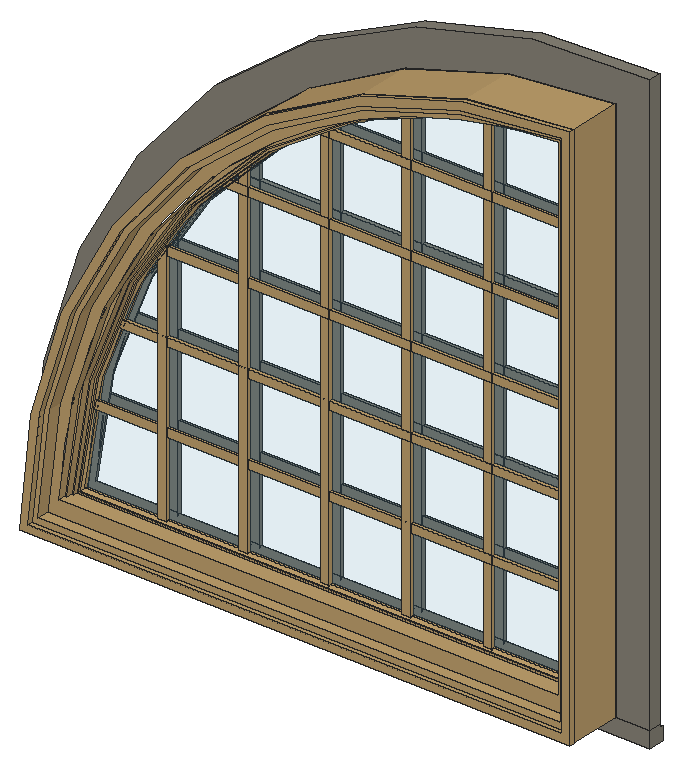
Revit family (continued)
Definition of nested family "Roundtop_Section_Detail"
  Definition of nested family "Head_Detail"
    Lines and regions (in)
      detail lines, style "Cut Lines", in view "Ref. Level", visible <- "Flange"
        curve 10: line (0.10999, 0.15, 0) -> (0.10999, 0, 0)
        curve 11: line (0, 0.15, 0) -> (0.10999, 0.15, 0)
    Dimensions and locks (in)
      aligned and locked: curve 25 to curve 28
      aligned and locked: curve 24 to curve 33
  Definition of nested family "Sill_Detail"
    Parameters (values of type "Jamb_Detail")
      Flange = yes
      Assembly Code = ""
    Reference planes (in)
      plane 1 "Center (Front/Back)": y = 0
      plane 2: z = 0
      plane 3 "Center (Left/Right)": x = 0
    Lines and regions (in)
      detail lines, style "Cut Lines", in view "Ref. Level"
        curve 1: line (4.56199, 0, 0) -> (4.56199, 1.188, 0)
        curve 2: line (-1.09401, 0, 0) -> (4.56199, 0, 0)
        curve 3: line (4.56199, 1.188, 0) -> (0.53125, 1.188, 0)
        curve 4: line (-1.09401, 0.52105, 0) -> (-1.09401, 0, 0)
        curve 5: line (0.39248, 0.625, 0) -> (-1.09401, 0.52105, 0)
        curve 6: line (0.39248, 0.625, 0) -> (2, 0.625, 0)
        curve 12: line (3.53074, 1.188, 0) -> (3.53074, 2.5005, 0)
        curve 13: line (3.53074, 2.5005, 0) -> (2, 2.5005, 0)
        curve 14: line (0.53125, 0.8125, 0) -> (0.53125, 1.188, 0)
        curve 15: line (0.125, 0.8125, 0) -> (0.53125, 0.8125, 0)
        curve 16: line (0.125, 2.696, 0) -> (0.125, 0.8125, 0)
        curve 17: line (0.2358, 2.696, 0) -> (0.125, 2.696, 0)
        curve 18: line (0.44605, 2.90625, 0) -> (0.2358, 2.696, 0)
        curve 19: line (0.47297, 2.208, 0) -> (0.47297, 2.90625, 0)
        curve 20: line (1.50299, 2.208, 0) -> (0.47297, 2.208, 0)
        curve 21: line (1.50299, 2.90625, 0) -> (1.50299, 2.208, 0)
        curve 22: line (1.66374, 2.90625, 0) -> (1.50299, 2.90625, 0)
        curve 23: line (2, 2.677, 0) -> (1.89299, 2.677, 0)
        curve 24: line (2, 0.625, 0) -> (2, 2.677, 0)
        curve 25: line (0.47297, 2.90625, 0) -> (0.44605, 2.90625, 0)
        curve 26: line (1.89299, 2.677, 0) -> (1.66374, 2.90625, 0)
        curve 27: line (1.31549, 2.45402, 0) -> (0.69049, 2.45402, 0)
        curve 28: line (1.31549, 2.6605, 0) -> (0.69049, 2.6605, 0)
        curve 29: line (1.50299, 2.353, 0) -> (1.31549, 2.353, 0)
        curve 30: line (0.69049, 2.353, 0) -> (0.50199, 2.353, 0)
      detail lines, style "Cut Lines", in view "Ref. Level", visible <- "Flange"
        curve 7: line (0, -1.5, 0) -> (0, -0.15, 0)
        curve 8: line (-0.04501, 0, 0) -> (-0.04501, -1.5, 0)
        curve 9: line (-0.04501, -1.5, 0) -> (0, -1.5, 0)
        curve 10: line (0.10999, -0.15, 0) -> (0.10999, 0, 0)
        curve 11: line (0, -0.15, 0) -> (0.10999, -0.15, 0)
